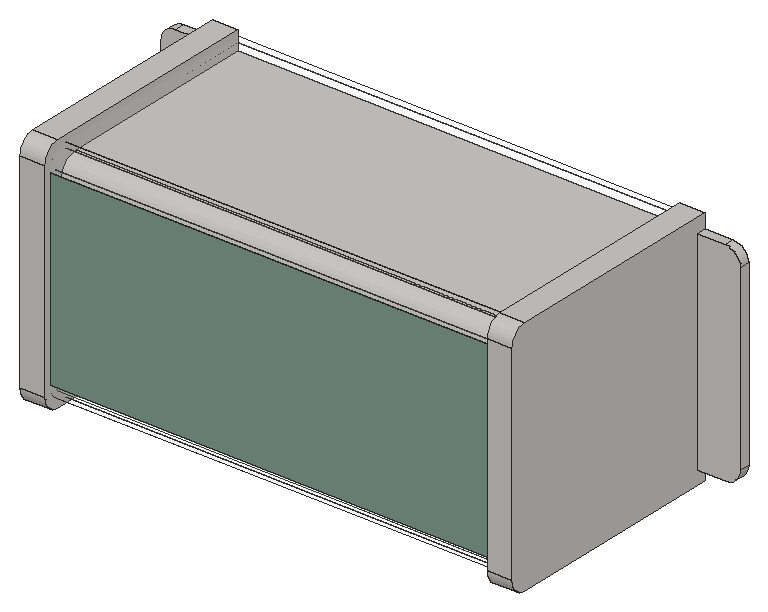
Revit family "ROBUST EXIT LED EMERGENCY EXIT LIGHT TWT9651W", category Lighting Fixtures, Revit 2015
Parameters (values of type "-arrow right")
  Width = 304 mm  # constant formula
  URL = ""
  Type Image = <None>
  Right = yes
  Product Code = "TWT9651W"  # constant formula
  Pictogram = Teknoware Pictogram PB9606E
  Model = "ROBUST EXIT"  # constant formula
  Manufacturer = "Teknoware Oy"  # constant formula
  Left = no
  Keynote = "23"
  Height = 126 mm  # constant formula
  Down = no
  Description = ""
  Depth = 126 mm  # constant formula
  Body Material = Plastic
Types (3, lengths in mm): name | Right | Pictogram | Left | Down
  -arrow down | no | Teknoware Pictogram PB9604E | no | yes
  -arrow left | no | Teknoware Pictogram PB9605E | yes | no
  -arrow right | yes | Teknoware Pictogram PB9606E | no | no
Reference planes
  plane 1 "Light Source Axis (F/B)": y = 0
  plane 2 "Floor": z = 0
  plane 3 "Light Source Axis (L/R)": x = 0
  plane 4 "Light Source Elevation": z = -126
  plane 5: x = -152
  plane 6: x = 152
  plane 7: y = -63
  plane 8: y = 63
  plane 9 "Top": z = 0
  plane 10 "Center (Elevation)": z = -63
  plane 11: z = -101
  plane 12: y = -133
Dimensions and locks
  equal spacing: plane 5, plane 3 "Light Source Axis (L/R)", plane 6
  equal spacing: plane 8, plane 1 "Light Source Axis (F/B)", plane 7
  "Depth": plane 8 to plane 7
  "Width": plane 5 to plane 6
  equal spacing: plane 9 "Top", plane 10 "Center (Elevation)", plane 4 "Light Source Elevation"
  "Height": plane 9 "Top" to plane 4 "Light Source Elevation"
  locked: plane 9 "Top" to plane 11 at 101
  plane 3 "Light Source Axis (L/R)" to plane 6 = 152 mm
  plane 5 to plane 3 "Light Source Axis (L/R)" = 152 mm
  locked: plane 7 to plane 12 at 70
  aligned and locked: level to plane 2 "Floor"
  aligned and locked: plane 1 "Light Source Axis (F/B)" to nested 1
  aligned and locked: plane 9 "Top" to nested 1
  aligned and locked: plane 1 "Light Source Axis (F/B)" to nested 2
  aligned and locked: plane 3 "Light Source Axis (L/R)" to nested 2
  aligned and locked: level to plane 9 "Top"
  aligned and locked: nested 4 to plane 12
  aligned and locked: nested 5 to plane 12
  aligned and locked: plane 12 to nested 6
  aligned and locked: plane 3 "Light Source Axis (L/R)" to nested 5
  aligned and locked: plane 3 "Light Source Axis (L/R)" to nested 4
  aligned and locked: plane 3 "Light Source Axis (L/R)" to nested 6
Nested families
  nested 1: "TWT9551WK runko" at (448, 237, -126), type "TWT9551WK runko"
  nested 2: "Teknoware 2D DET" at (0, 0, 0), Depth <- "Depth", Width <- "Width", type "Teknoware 2D DET"
    with Width 304 mm, Depth 126 mm
  nested 3: "TWT9651W kupu" at (448, 237, -126), type "TWT9651W kupu"
  nested 4: "2D nuoli sivulle" at (0, -133, 0), visible <- "Right", type "2D nuoli sivulle"
  nested 5: "2D nuoli alas" at (0, -133, 0), visible <- "Down", type "2D nuoli alas"
  nested 6: "2D nuoli sivulle" at (0, -133, 0) x (-1, 0, 0) z (0, 0, 1), visible <- "Left", type "2D nuoli sivulle"
Definition of nested family "TWT9551WK runko"
  Parameters (values of type "TWT9551WK runko")
    Depth = 126 mm  # constant formula
    Width = 304 mm  # constant formula
    Height = 126 mm  # constant formula
    Color = none
    Body Material = none
  Reference planes
    plane 1 "Center (Front/Back)": y = -237
    plane 2 "Bottom": z = 0
    plane 3 "Center (Left/Right)": x = -448
    plane 4 "Left": x = -600
    plane 5 "Right": x = -296
    plane 6 "Front": y = -300
    plane 7 "Back": y = -174
    plane 8 "Top": z = 126
    plane 9 "Center (Elevation)": z = 63
  Forms (mm)
    Extrusion 1, solid, material <- "Body Material"
      sketch origin (-448, 0, 0) x (0, 1, 0) y (0, 0, 1)
        loop
          line (-174, 126) -> (-291.539, 126)
          arc (-291.539, 126) -> (-297.522, 123.522) -> (-300, 117.539) r 8.461
          line (-300, 117.539) -> (-300, 8.5)
          arc (-300, 8.5) -> (-297.51, 2.49) -> (-291.5, 0) r 8.5
          line (-291.5, 0) -> (-174, 0) -> (-174, 126)
      from -129 to -115.953
    Extrusion 2, solid, material <- "Body Material"
      sketch origin (-448, 0, 0) x (0, 1, 0) y (0, 0, -1)
        loop
          line (-174, -126) -> (-174, 0) -> (-291.5, 0)
          arc (-291.5, 0) -> (-297.51, -2.49) -> (-300, -8.5) r 8.5
          line (-300, -8.5) -> (-300, -117.539)
          arc (-300, -117.539) -> (-297.522, -123.522) -> (-291.539, -126) r 8.461
          line (-291.539, -126) -> (-174, -126)
      from -129 to -115.953
    Extrusion 3, solid, material <- "Body Material"
      sketch origin (0, -237, 0) x (1, 0, 0) y (0, 0, 1)
        loop
          line (-577, 7.5) -> (-577, 118.5) -> (-592, 118.5)
          arc (-592, 118.5) -> (-597.657, 116.157) -> (-600, 110.5) r 8
          line (-600, 110.5) -> (-600, 15.5)
          arc (-600, 15.5) -> (-597.657, 9.843) -> (-592, 7.5) r 8
          line (-592, 7.5) -> (-577, 7.5)
        loop
          line (-319, 7.5) -> (-304, 7.5)
          arc (-304, 7.5) -> (-298.343, 9.843) -> (-296, 15.5) r 8
          line (-296, 15.5) -> (-296, 110.5)
          arc (-296, 110.5) -> (-298.343, 116.157) -> (-304, 118.5) r 8
          line (-304, 118.5) -> (-319, 118.5) -> (-319, 7.5)
      from -63 to -58
    Extrusion 4, solid, material <- "Body Material"
      sketch origin (-448, 0, 0) x (0, 1, 0) y (0, 0, 1)
        loop
          line (-290, 106) -> (-290, 35)
          arc (-290, 35) -> (-287.071, 27.929) -> (-280, 25) r 10
          line (-280, 25) -> (-174, 25) -> (-174, 116) -> (-280, 116)
          arc (-280, 116) -> (-287.071, 113.071) -> (-290, 106) r 10
      from -115.953 to 115.953
  Cuts and joins
    joined: Extrusion 1, Extrusion 2, Extrusion 3, Extrusion 4
  Dimensions and locks
    equal spacing: plane 4 "Left", plane 3 "Center (Left/Right)", plane 5 "Right"
    equal spacing: plane 7 "Back", plane 1 "Center (Front/Back)", plane 6 "Front"
    equal spacing: plane 8 "Top", plane 9 "Center (Elevation)", plane 2 "Bottom"
    "Height": plane 8 "Top" to plane 2 "Bottom"
    "Width": plane 4 "Left" to plane 5 "Right"
    "Depth": plane 7 "Back" to plane 6 "Front"
    aligned and locked: level to plane 2 "Bottom"
  Automatic sketch dimensions
    Extrusion 1 sketch curve to plane 6 "Front" = 0 mm
    Extrusion 1 sketch curve to plane 8 "Top" = 0 mm
    Extrusion 1 sketch curve to level = 0 mm
    Extrusion 1 sketch curve to plane 7 "Back" = 0 mm
    plane 6 "Front" to Extrusion 1 sketch curve = 8.461 mm
    level to Extrusion 1 sketch curve = 8.5 mm
    Extrusion 2 sketch curve to plane 6 "Front" = 0 mm
    Extrusion 2 sketch curve to plane 8 "Top" = 0 mm
    Extrusion 2 sketch curve to level = 0 mm
    Extrusion 2 sketch curve to plane 7 "Back" = 0 mm
    plane 6 "Front" to Extrusion 2 sketch curve = 8.461 mm
    level to Extrusion 2 sketch curve = 8.5 mm
    Extrusion 3 sketch curve to plane 4 "Left" = 0 mm
    Extrusion 3 sketch curve to plane 5 "Right" = 0 mm
    plane 4 "Left" to Extrusion 3 sketch curve = 8 mm  (x2)
    Extrusion 3 sketch curve to Extrusion 3 sketch curve = 15 mm
    level to Extrusion 3 sketch curve = 7.5 mm  (x2)
    Extrusion 3 sketch curve to plane 5 "Right" = 23 mm
    Extrusion 3 sketch curve to plane 5 "Right" = 8 mm  (x2)
    Extrusion 3 sketch curve to plane 8 "Top" = 15.5 mm  (x2)
    Extrusion 4 sketch curve to plane 7 "Back" = 0 mm
    plane 6 "Front" to Extrusion 4 sketch curve = 20 mm  (x2)
    level to Extrusion 4 sketch curve = 25 mm
    Extrusion 4 sketch curve to Extrusion 4 sketch curve = 10 mm
    Extrusion 4 sketch curve to plane 8 "Top" = 20 mm
Definition of nested family "TWT9651W kupu"
  Parameters (values of type "TWT9651W kupu")
    Pictogram = none
    Depth = 126 mm  # constant formula
    Width = 304 mm  # constant formula
    Height = 126 mm  # constant formula
    Body Material = none
  Reference planes
    plane 1 "Center (Front/Back)": y = -237
    plane 2 "Bottom": z = 0
    plane 3 "Center (Left/Right)": x = -448
    plane 4 "Left": x = -600
    plane 5 "Right": x = -296
    plane 6 "Front": y = -300
    plane 7 "Back": y = -174
    plane 8 "Top": z = 126
    plane 9 "Center (Elevation)": z = 63
  Forms (mm)
    Extrusion 1, solid, material <- "Body Material"
      sketch origin (-448, 0, 0) x (0, 1, 0) y (0, 0, 1)
        loop
          line (-297, 113) -> (-297, 13)
          arc (-297, 13) -> (-294.071, 5.929) -> (-287, 3) r 10
          line (-287, 3) -> (-174, 3) -> (-174, 6) -> (-287, 6)
          arc (-287, 6) -> (-291.95, 8.05) -> (-294, 13) r 7
          line (-294, 13) -> (-294, 113)
          arc (-294, 113) -> (-291.95, 117.95) -> (-287, 120) r 7
          line (-287, 120) -> (-174, 120) -> (-174, 123) -> (-287, 123)
          arc (-287, 123) -> (-294.071, 120.071) -> (-297, 113) r 10
      from -115.953 to 115.953
  Dimensions and locks
    equal spacing: plane 4 "Left", plane 3 "Center (Left/Right)", plane 5 "Right"
    equal spacing: plane 7 "Back", plane 1 "Center (Front/Back)", plane 6 "Front"
    equal spacing: plane 8 "Top", plane 9 "Center (Elevation)", plane 2 "Bottom"
    "Height": plane 8 "Top" to plane 2 "Bottom"
    "Width": plane 4 "Left" to plane 5 "Right"
    "Depth": plane 7 "Back" to plane 6 "Front"
    aligned and locked: level to plane 2 "Bottom"
  Automatic sketch dimensions
    Extrusion 1 sketch curve to plane 8 "Top" = 3 mm
    level to Extrusion 1 sketch curve = 3 mm
    plane 6 "Front" to Extrusion 1 sketch curve = 13 mm  (x2)
    level to Extrusion 1 sketch curve = 13 mm
    Extrusion 1 sketch curve to Extrusion 1 sketch curve = 0 mm  (x4)
    Extrusion 1 sketch curve to Extrusion 1 sketch curve = 3 mm
    Extrusion 1 sketch curve to plane 7 "Back" = 0 mm  (x2)
Definition of nested family "Teknoware 2D DET"
  Parameters (values of type "Teknoware 2D DET")
    Width [instance] = 520 mm
    Depth [instance] = 400 mm
  Reference planes
    plane 1 "Center (Front/Back)": y = 0
    plane 2: z = 0
    plane 3 "Center (Left/Right)": x = 0
    plane 4: x = -260
    plane 5: x = 260
    plane 6: y = -200
    plane 7: y = 200
  Lines and regions (mm)
    detail lines, in view "Ref. Level"
      curve 1: line (-260, 200, 0) -> (260, 200, 0)
      curve 2: line (-260, -200, 0) -> (-260, 200, 0)
      curve 3: line (260, -200, 0) -> (-260, -200, 0)
      curve 4: line (260, 200, 0) -> (260, -200, 0)
      curve 5: line (-260, -200, 0) -> (260, 200, 0)
      curve 6: line (-260, 200, 0) -> (260, -200, 0)
  Dimensions and locks
    equal spacing: plane 7, plane 1 "Center (Front/Back)", plane 6
    equal spacing: plane 4, plane 3 "Center (Left/Right)", plane 5
    "Depth": plane 7 to plane 6
    "Width": plane 4 to plane 5
    aligned and locked: curve 1 to plane 7
    aligned and locked: plane 4 to curve 2
    aligned and locked: plane 6 to curve 3
    aligned and locked: plane 5 to curve 4
Definition of nested family "2D nuoli sivulle"
  Reference planes
    plane 1 "Center (Front/Back)": y = 0
    plane 2: z = 0
    plane 3 "Center (Left/Right)": x = 0
  Lines and regions (mm)
    Filled region 1, type "Green Filled", in view "Ref. Level"
      outline origin (0, 0, 0) x (1, 0, 0) y (0, 1, 0)
        loop
          line (-99.857, 0) -> (-99.857, -100) -> (99.857, -100) -> (99.857, 0) -> (-99.857, 0)
        loop
          arc (-31.923, -44.203) -> (-32.287, -44.046) -> (-32.607, -44.281) r 0.4
          line (-32.607, -44.281) -> (-36.639, -53.338)
          arc (-36.639, -53.338) -> (-36.724, -53.76) -> (-36.624, -54.178) r 0.994
          line (-36.624, -54.178) -> (-21.817, -84.536) -> (-27.712, -84.536)
          arc (-27.712, -84.536) -> (-30.096, -83.87) -> (-31.791, -82.065) r 4.603
          line (-31.791, -82.065) -> (-43.712, -59.255)
          arc (-43.712, -59.255) -> (-44.051, -59.09) -> (-44.307, -59.368) r 0.316
          line (-44.307, -59.368) -> (-45.505, -70.534)
          arc (-45.505, -70.534) -> (-46.482, -73.238) -> (-49.121, -74.379) r 3.623
          line (-49.121, -74.379) -> (-74.77, -74.379)
          arc (-74.77, -74.379) -> (-72.239, -69.16) -> (-66.837, -67.046) r 7.958
          line (-66.837, -67.046) -> (-53.724, -67.046)
          arc (-53.724, -67.046) -> (-53.159, -66.823) -> (-52.898, -66.276) r 0.827
          line (-52.898, -66.276) -> (-52.102, -54.815)
          arc (-52.102, -54.815) -> (-51.859, -52.833) -> (-51.41, -50.887) r 19.079
          line (-51.41, -50.887) -> (-45.738, -39.258) -> (-51.391, -39.258)
          arc (-51.391, -39.258) -> (-52.105, -39.447) -> (-52.63, -39.965) r 1.439
          line (-52.63, -39.965) -> (-57.784, -48.688)
          arc (-57.784, -48.688) -> (-61.673, -49.25) -> (-63.056, -45.573) r 3.135
          line (-63.056, -45.573) -> (-57.765, -36.409)
          arc (-57.765, -36.409) -> (-55.741, -34.384) -> (-52.975, -33.643) r 5.532
          line (-52.975, -33.643) -> (-35.016, -33.643)
          arc (-35.016, -33.643) -> (-32.468, -34.219) -> (-30.417, -35.836) r 5.918
          line (-30.417, -35.836) -> (-23.238, -44.702) -> (-14.74, -44.702) -> (-14.74, -12.003) -> (-66.843, -12.003) -> (-66.843, -65.836)
          arc (-66.843, -65.836) -> (-73.933, -68.773) -> (-76.87, -75.863) r 10.027
          line (-76.87, -75.863) -> (-66.891, -75.863) -> (-66.891, -87.015) -> (-71.979, -92.103) -> (-37.454, -92.103) -> (-31.927, -86.949)
          arc (-31.927, -86.949) -> (-30.718, -86.187) -> (-29.314, -85.92) r 3.832
          line (-29.314, -85.92) -> (-23.096, -85.92) -> (-29.279, -92.103) -> (-19.444, -92.103) -> (-14.74, -87.399) -> (-14.74, -50.784) -> (-24.352, -50.784)
          arc (-24.352, -50.784) -> (-26.689, -50.233) -> (-28.536, -48.697) r 5.239
          line (-28.536, -48.697) -> (-31.923, -44.203)
        loop
          circle (-33.592, -25.92) r 6.244
        loop
          line (14.74, -41.845) -> (14.74, -58.147) -> (47.241, -58.147) -> (27.498, -77.89) -> (48.584, -77.89) -> (79.563, -49.996) -> (48.584, -22.103) -> (27.498, -22.103) -> (47.241, -41.845) -> (14.74, -41.845)
    Filled region 2, type "White Fill", in view "Ref. Level"
      outline origin (0, 0, 0) x (1, 0, 0) y (0, 1, 0)
        loop
          arc (-57.765, -36.409) -> (-55.741, -34.384) -> (-52.975, -33.643) r 5.532
          line (-52.975, -33.643) -> (-35.016, -33.643)
          arc (-35.016, -33.643) -> (-32.468, -34.219) -> (-30.417, -35.836) r 5.918
          line (-30.417, -35.836) -> (-23.238, -44.702) -> (-14.74, -44.702) -> (-14.74, -12.003) -> (-66.843, -12.003) -> (-66.843, -65.836)
          arc (-66.843, -65.836) -> (-73.933, -68.773) -> (-76.87, -75.863) r 10.027
          line (-76.87, -75.863) -> (-66.891, -75.863) -> (-66.891, -87.015) -> (-71.979, -92.103) -> (-37.454, -92.103) -> (-31.927, -86.949)
          arc (-31.927, -86.949) -> (-30.718, -86.187) -> (-29.314, -85.92) r 3.832
          line (-29.314, -85.92) -> (-23.096, -85.92) -> (-29.279, -92.103) -> (-19.444, -92.103) -> (-14.74, -87.399) -> (-14.74, -50.784) -> (-24.352, -50.784)
          arc (-24.352, -50.784) -> (-26.689, -50.233) -> (-28.536, -48.697) r 5.239
          line (-28.536, -48.697) -> (-31.923, -44.203)
          arc (-31.923, -44.203) -> (-32.287, -44.046) -> (-32.607, -44.281) r 0.4
          line (-32.607, -44.281) -> (-36.639, -53.338)
          arc (-36.639, -53.338) -> (-36.724, -53.76) -> (-36.624, -54.178) r 0.994
          line (-36.624, -54.178) -> (-21.817, -84.536) -> (-27.712, -84.536)
          arc (-27.712, -84.536) -> (-30.096, -83.87) -> (-31.791, -82.065) r 4.603
          line (-31.791, -82.065) -> (-43.712, -59.255)
          arc (-43.712, -59.255) -> (-44.051, -59.09) -> (-44.307, -59.368) r 0.316
          line (-44.307, -59.368) -> (-45.505, -70.534)
          arc (-45.505, -70.534) -> (-46.482, -73.238) -> (-49.121, -74.379) r 3.623
          line (-49.121, -74.379) -> (-74.77, -74.379)
          arc (-74.77, -74.379) -> (-72.239, -69.16) -> (-66.837, -67.046) r 7.958
          line (-66.837, -67.046) -> (-53.724, -67.046)
          arc (-53.724, -67.046) -> (-53.159, -66.823) -> (-52.898, -66.276) r 0.827
          line (-52.898, -66.276) -> (-52.102, -54.815)
          arc (-52.102, -54.815) -> (-51.859, -52.833) -> (-51.41, -50.887) r 19.079
          line (-51.41, -50.887) -> (-45.738, -39.258) -> (-51.391, -39.258)
          arc (-51.391, -39.258) -> (-52.105, -39.447) -> (-52.63, -39.965) r 1.439
          line (-52.63, -39.965) -> (-57.784, -48.688)
          arc (-57.784, -48.688) -> (-61.673, -49.25) -> (-63.056, -45.573) r 3.135
          line (-63.056, -45.573) -> (-57.765, -36.409)
        loop
          circle (-33.592, -25.92) r 6.244
        loop
          line (47.241, -41.845) -> (14.74, -41.845) -> (14.74, -58.147) -> (47.241, -58.147) -> (27.498, -77.89) -> (48.584, -77.89) -> (79.563, -49.996) -> (48.584, -22.103) -> (27.498, -22.103) -> (47.241, -41.845)
Definition of nested family "2D nuoli alas"
  Reference planes
    plane 1 "Center (Front/Back)": y = 0
    plane 2: z = 0
    plane 3 "Center (Left/Right)": x = 0
  Lines and regions (mm)
    Filled region 1, type "Green Filled", in view "Ref. Level"
      outline origin (0, 0, 0) x (1, 0, 0) y (0, 1, 0)
        loop
          line (-99.857, 0) -> (-99.857, -100) -> (99.857, -100) -> (99.857, 0) -> (-99.857, 0)
        loop
          arc (-31.923, -44.203) -> (-32.287, -44.046) -> (-32.607, -44.281) r 0.4
          line (-32.607, -44.281) -> (-36.639, -53.338)
          arc (-36.639, -53.338) -> (-36.724, -53.76) -> (-36.624, -54.178) r 0.994
          line (-36.624, -54.178) -> (-21.817, -84.536) -> (-27.712, -84.536)
          arc (-27.712, -84.536) -> (-30.096, -83.87) -> (-31.791, -82.065) r 4.603
          line (-31.791, -82.065) -> (-43.712, -59.255)
          arc (-43.712, -59.255) -> (-44.051, -59.09) -> (-44.307, -59.368) r 0.316
          line (-44.307, -59.368) -> (-45.505, -70.534)
          arc (-45.505, -70.534) -> (-46.482, -73.238) -> (-49.121, -74.379) r 3.623
          line (-49.121, -74.379) -> (-74.77, -74.379)
          arc (-74.77, -74.379) -> (-72.239, -69.16) -> (-66.837, -67.046) r 7.958
          line (-66.837, -67.046) -> (-53.724, -67.046)
          arc (-53.724, -67.046) -> (-53.159, -66.823) -> (-52.898, -66.276) r 0.827
          line (-52.898, -66.276) -> (-52.102, -54.815)
          arc (-52.102, -54.815) -> (-51.859, -52.833) -> (-51.41, -50.887) r 19.079
          line (-51.41, -50.887) -> (-45.738, -39.258) -> (-51.391, -39.258)
          arc (-51.391, -39.258) -> (-52.105, -39.447) -> (-52.63, -39.965) r 1.439
          line (-52.63, -39.965) -> (-57.784, -48.688)
          arc (-57.784, -48.688) -> (-61.673, -49.25) -> (-63.056, -45.573) r 3.135
          line (-63.056, -45.573) -> (-57.765, -36.409)
          arc (-57.765, -36.409) -> (-55.741, -34.384) -> (-52.975, -33.643) r 5.532
          line (-52.975, -33.643) -> (-35.016, -33.643)
          arc (-35.016, -33.643) -> (-32.468, -34.219) -> (-30.417, -35.836) r 5.918
          line (-30.417, -35.836) -> (-23.238, -44.702) -> (-14.74, -44.702) -> (-14.74, -12.003) -> (-66.843, -12.003) -> (-66.843, -65.836)
          arc (-66.843, -65.836) -> (-73.933, -68.773) -> (-76.87, -75.863) r 10.027
          line (-76.87, -75.863) -> (-66.891, -75.863) -> (-66.891, -87.015) -> (-71.979, -92.103) -> (-37.454, -92.103) -> (-31.927, -86.949)
          arc (-31.927, -86.949) -> (-30.718, -86.187) -> (-29.314, -85.92) r 3.832
          line (-29.314, -85.92) -> (-23.096, -85.92) -> (-29.279, -92.103) -> (-19.444, -92.103) -> (-14.74, -87.399) -> (-14.74, -50.784) -> (-24.352, -50.784)
          arc (-24.352, -50.784) -> (-26.689, -50.233) -> (-28.536, -48.697) r 5.239
          line (-28.536, -48.697) -> (-31.923, -44.203)
        loop
          circle (-33.592, -25.92) r 6.244
        loop
          line (55.302, -17.585) -> (39, -17.585) -> (39, -50.086) -> (19.258, -30.343) -> (19.258, -51.429) -> (47.151, -82.408) -> (75.045, -51.429) -> (75.045, -30.343) -> (55.302, -50.086) -> (55.302, -17.585)
    Filled region 2, type "White Fill", in view "Ref. Level"
      outline origin (0, 0, 0) x (1, 0, 0) y (0, 1, 0)
        loop
          arc (-57.765, -36.409) -> (-55.741, -34.384) -> (-52.975, -33.643) r 5.532
          line (-52.975, -33.643) -> (-35.016, -33.643)
          arc (-35.016, -33.643) -> (-32.468, -34.219) -> (-30.417, -35.836) r 5.918
          line (-30.417, -35.836) -> (-23.238, -44.702) -> (-14.74, -44.702) -> (-14.74, -12.003) -> (-66.843, -12.003) -> (-66.843, -65.836)
          arc (-66.843, -65.836) -> (-73.933, -68.773) -> (-76.87, -75.863) r 10.027
          line (-76.87, -75.863) -> (-66.891, -75.863) -> (-66.891, -87.015) -> (-71.979, -92.103) -> (-37.454, -92.103) -> (-31.927, -86.949)
          arc (-31.927, -86.949) -> (-30.718, -86.187) -> (-29.314, -85.92) r 3.832
          line (-29.314, -85.92) -> (-23.096, -85.92) -> (-29.279, -92.103) -> (-19.444, -92.103) -> (-14.74, -87.399) -> (-14.74, -50.784) -> (-24.352, -50.784)
          arc (-24.352, -50.784) -> (-26.689, -50.233) -> (-28.536, -48.697) r 5.239
          line (-28.536, -48.697) -> (-31.923, -44.203)
          arc (-31.923, -44.203) -> (-32.287, -44.046) -> (-32.607, -44.281) r 0.4
          line (-32.607, -44.281) -> (-36.639, -53.338)
          arc (-36.639, -53.338) -> (-36.724, -53.76) -> (-36.624, -54.178) r 0.994
          line (-36.624, -54.178) -> (-21.817, -84.536) -> (-27.712, -84.536)
          arc (-27.712, -84.536) -> (-30.096, -83.87) -> (-31.791, -82.065) r 4.603
          line (-31.791, -82.065) -> (-43.712, -59.255)
          arc (-43.712, -59.255) -> (-44.051, -59.09) -> (-44.307, -59.368) r 0.316
          line (-44.307, -59.368) -> (-45.505, -70.534)
          arc (-45.505, -70.534) -> (-46.482, -73.238) -> (-49.121, -74.379) r 3.623
          line (-49.121, -74.379) -> (-74.77, -74.379)
          arc (-74.77, -74.379) -> (-72.239, -69.16) -> (-66.837, -67.046) r 7.958
          line (-66.837, -67.046) -> (-53.724, -67.046)
          arc (-53.724, -67.046) -> (-53.159, -66.823) -> (-52.898, -66.276) r 0.827
          line (-52.898, -66.276) -> (-52.102, -54.815)
          arc (-52.102, -54.815) -> (-51.859, -52.833) -> (-51.41, -50.887) r 19.079
          line (-51.41, -50.887) -> (-45.738, -39.258) -> (-51.391, -39.258)
          arc (-51.391, -39.258) -> (-52.105, -39.447) -> (-52.63, -39.965) r 1.439
          line (-52.63, -39.965) -> (-57.784, -48.688)
          arc (-57.784, -48.688) -> (-61.673, -49.25) -> (-63.056, -45.573) r 3.135
          line (-63.056, -45.573) -> (-57.765, -36.409)
        loop
          circle (-33.592, -25.92) r 6.244
        loop
          line (55.302, -50.086) -> (55.302, -17.585) -> (39, -17.585) -> (39, -50.086) -> (19.258, -30.343) -> (19.258, -51.429) -> (47.151, -82.408) -> (75.045, -51.429) -> (75.045, -30.343) -> (55.302, -50.086)
